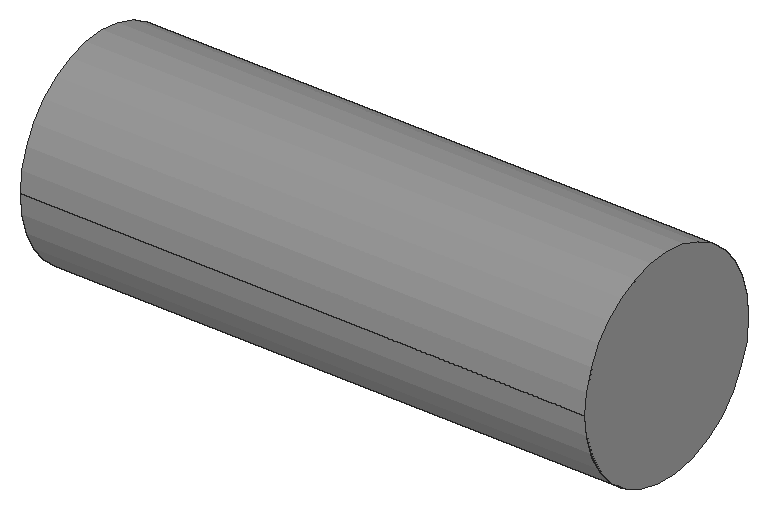
Revit family "Acoplador padrão", category Acopladores do vergalhão estrutural, Revit 2019
Family settings
  Com base no plano de trabalho = Não
  Sempre na vertical = Não
  Corte com vazios quando carregada = Não
  Compartilhado = Não
Parameters (values of type "CPL25")
  Diâmetro externo = 35 mm
  Largura do símbolo = 49 mm
  Comprimento do símbolo = 135.8 mm
  Material = Aço
  Comprimento total = 97 mm
  Tratamento de extremidade 2 = Rosqueado
  Tratamento da extremidade 1 = Rosqueado
  Tamanho da barra 2 = 25 CA-25
  Tamanho da barra 1 = 25 CA-25
  Engate da barra 2 = 40 mm
  Engate da barra 1 = 40 mm
Types (8, lengths in mm): name | Diâmetro externo | Largura do símbolo | Comprimento do símbolo | Comprimento total | Tamanho da barra 2 | Tamanho da barra 1 | Engate da barra 2 | Engate da barra 1
  CPL40 | 55 | 66 | 157.2 | 131 | 40 CA-25 | 40 CA-25 | 57 mm | 57 mm
  CPL32 | 45 | 58.5 | 140.4 | 108 | 32 CA-25 | 32 CA-25 | 45 mm | 45 mm
  CPL25 | 35 | 49 | 135.8 | 97 | 25 CA-25 | 25 CA-25 | 40 mm | 40 mm
  CPL22 | 30 | 42 | 127.4 | 91 | 22 CA-25 | 22 CA-25 | 37 mm | 37 mm
  CPL20 | 27 | 37.8 | 121.8 | 87 | 20 CA-25 | 20 CA-25 | 35 mm | 35 mm
  CPL16 | 22 | 33 | 91.5 | 61 | 16 CA-25 | 16 CA-25 | 24 mm | 24 mm
  CPL12.5 | 22 | 33 | 84 | 56 | 12.5 CA-25 | 12.5 CA-25 | 21 mm | 21 mm
  CPL10 | 17 | 25.5 | 73.5 | 49 | 10 CA-25 | 10 CA-25 | 18 mm | 18 mm
Reference planes
  plane 1: y = 0
  plane 2: z = 0
  plane 3: x = 0
  plane 4: y = 24.5
  plane 5: y = -24.5
  plane 6: x = -48.5
  plane 7: x = 48.5
  plane 8: x = -67.9
  plane 9: x = 67.9
Forms (mm)
  Extrusion 1, solid, material "Aço" <- "Material"
    sketch origin (-48.5, 75, 1200) x (0, 1, 0) y (0, 0, 1)
      loop
        circle (-75, -1200) r 17.5
    from 0 to 97
Lines and regions (mm)
  symbolic lines
    curve 1: line (-67.9, 24.5, 0) -> (67.9, 24.5, 0)
    curve 2: line (-67.9, -24.5, 0) -> (-67.9, 24.5, 0)
    curve 3: line (67.9, -24.5, 0) -> (-67.9, -24.5, 0)
    curve 4: line (67.9, 24.5, 0) -> (67.9, -24.5, 0)
  reference lines
    curve 5: circle (-48.5, 0, 0) r 17.5 normal (1, 0, 0)
Text (mm)
  text "Barra 1" at (-290.494, 8.209, 0), in view "Base"
  text "Barra 2" at (258.76, 8.209, 0), in view "Base"
Dimensions and locks
  "Comprimento do símbolo": plane 8 to plane 9
  equal spacing: plane 8, plane 3, plane 9
  "Comprimento total": plane 6 to plane 7
  equal spacing: plane 6, plane 3, plane 7
  "Largura do símbolo": plane 4 to plane 5
  equal spacing: plane 4, plane 1, plane 5
  "Diâmetro externo": diameter of curve 5
  aligned and locked: curve 1 to plane 4
  aligned and locked: plane 8 to curve 2
  aligned and locked: plane 5 to curve 3
  aligned and locked: curve 4 to plane 9
  aligned and locked: Extrusion 1 sketch curve to curve 5
  aligned and locked: plane 7 to Extrusion 1
Automatic sketch dimensions
  curve 5 to level = 0 mm
  curve 5 to plane 1 = 0 mm
